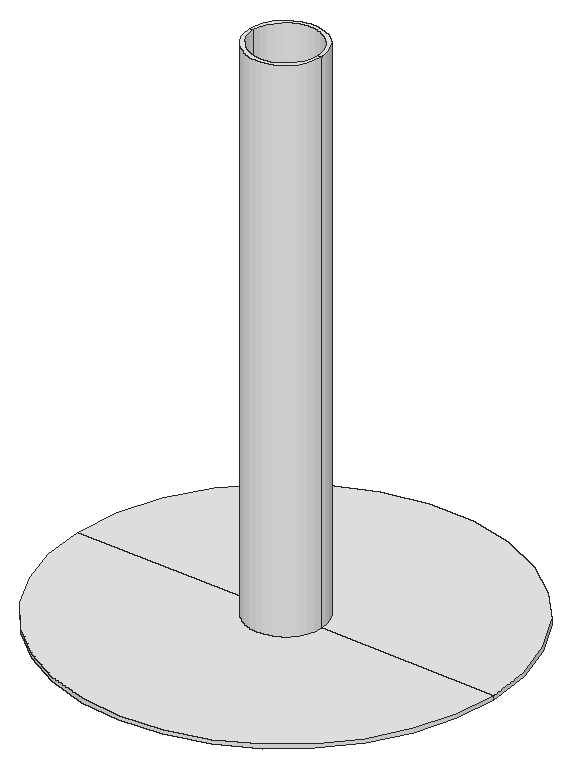
Revit family "Plumbing_Other-Plumbing_Menzies-Metal_Plumbing-Stack-Spun-Aluminum-Flat-Welded-TPO (1)", category Plumbing Fixtures, host Face, Revit 2018
Family settings
  Host = Face
  Round Connector Dimension = Use Diameter
  Part Type = Normal
  OmniClass Number = 23.70.50.21.24.11
  OmniClass Title = Roof Waste Water Drains
  Cut with Voids When Loaded = No
  Shared = No
  Room Calculation Point = No
Parameters (values of type "Refer to Type Catalog")
  Weight = 1.00 lbf
  Waste Connection = no
  Vent Connection = no
  URL = "https://www.menzies-metal.com/tpo-products/plumbing-stack-aluminum-flat-welded-tpo/"
  Product data url = "https://www.bimobject.com/menzies-metal/product/plumbing-stack-aluminum-flat-weld-tpo"
  Product Material = Metal - Menzies Metal Products - Aluminium TPO Coated
  Product Guid = "03c8de97-1602-48cd-85a9-ab49e266789e"
  Pipe Length = 12"
  Pipe Diameter = 1 1/2"
  Note [instance] = "Availalable caps include the Menzies Econo caps and Vandalproof caps."  # constant formula
  Model = "400-3110TPO"
  Manufacturer = "Menzies Metal Products"  # constant formula
  HW Connection = no
  Edition number = 1
  Drain Flow = 0 GPM
  Description = "Plumbing Stack Spun Aluminum - Flat Welded-TPO"  # constant formula
  Default Elevation = 48"
  Cap [instance] = Plumbing_Other-Plumbing_Menzies-Metal_Cap : No Cap
  CW Connection = no
  Assembly Code = "D2040200"
Reference planes (in)
  plane 1 "Center (Front/Back)": y = 0
  plane 2: z = 0
  plane 3 "Center (Left/Right)": x = 0
  plane 4: x = -0.75
  plane 5: x = 0.75
  plane 6: z = 12
  plane 7: x = -0.75
  plane 8: x = 0.75
  plane 9: z = 12
Forms (in)
  Revolve 1, solid, material "Metal - Menzies Metal Products - Aluminum", detail levels medium+fine
    sketch origin (0, 0, 0) x (1, 0, 0) y (0, 0, 1)
      loop
        line (-4.84, 0) -> (-0.75, 0) -> (-0.75, 12) -> (-0.84, 12) -> (-0.84, 0.09011) -> (-4.84, 0.09011) -> (-4.84, 0)
      axis (0, 12) -> (0, 0)
    angle from 0 to 360
  Revolve 2, solid, material "Metal - Menzies Metal Products - Aluminum", detail levels coarse
    sketch origin (0, 0, 0) x (1, 0, 0) y (0, 0, 1)
      loop
        line (0, 12) -> (-0.84, 12) -> (-0.84, 0.09011) -> (-4.84, 0.09011) -> (-4.84, 0) -> (0, 0) -> (0, 12)
      axis (0, 12) -> (0, 0)
    angle from 0 to 360
Lines and regions (in)
  Masking region 1
    outline origin (0, 0, 0) x (1, 0, 0) y (0, 1, 0)
      loop
        circle (0, 0) r 4.84
  symbolic lines
    curve 1: arc (-0.84, 0, 0) -> (0, 0.84, 0) -> (0.84, 0, 0) r 0.84
    curve 2: arc (0.84, 0, 0) -> (0, -0.84, 0) -> (-0.84, 0, 0) r 0.84
    curve 3: arc (0.75, 0, 0) -> (0, -0.75, 0) -> (-0.75, 0, 0) r 0.75
    curve 4: arc (-0.75, 0, 0) -> (0, 0.75, 0) -> (0.75, 0, 0) r 0.75
Dimensions and locks (in)
  equal spacing: plane 5, plane 3 "Center (Left/Right)", plane 4
  "Pipe Diameter": plane 5 to plane 4
  "Pipe Length": plane 6 to level
  equal spacing: plane 8, plane 3 "Center (Left/Right)", plane 7
  "Pipe Diameter": plane 8 to plane 7
  plane 7 to Revolve 2 sketch curve = 4.09"
  Revolve 2 sketch curve to Revolve 1 = 0.09011"
  Revolve 2 to Revolve 2 = 0.09011"
  Revolve 2 sketch curve to Revolve 2 sketch curve = 4"
  "Pipe Length": plane 9 to level
  aligned and locked: plane 2 to host face
  aligned and locked: level to host face
  aligned and locked: Revolve 1 sketch curve to plane 3 "Center (Left/Right)"
  aligned and locked: plane 6 to Revolve 1 sketch curve
  aligned and locked: Revolve 2 sketch curve to plane 3 "Center (Left/Right)"
  aligned and locked: host face to Revolve 2 sketch curve
  aligned and locked: Revolve 2 sketch curve to Revolve 1
  aligned and locked: plane 4 to Revolve 1 sketch curve
  aligned and locked: Masking region 1 sketch curve to Revolve 2  (x2)
  aligned and locked: curve 1 to Revolve 2
  aligned and locked: curve 2 to Revolve 2
  aligned and locked: curve 3 to Revolve 1
  aligned and locked: curve 4 to Revolve 1
  aligned and locked: plane 3 "Center (Left/Right)" to nested 1
  aligned and locked: nested 1 to plane 1 "Center (Front/Back)"
Automatic sketch dimensions
  host sketch curve to host sketch curve = 94.66418"
  host sketch curve to host sketch curve = 96"
  Revolve 1 sketch curve to level = 0"
  Revolve 1 sketch curve to plane 4 = 0.09"
  Revolve 1 sketch curve to Revolve 1 sketch curve = 4"
  level to Revolve 1 sketch curve = 0.09011"
  Revolve 1 sketch curve to level = 24"
  plane 6 to Revolve 1 sketch curve = 90.71882"
  Revolve 2 sketch curve to plane 3 "Center (Left/Right)" = 0"
  Revolve 2 sketch curve to level = 24"
  Revolve 2 sketch curve to Revolve 2 sketch curve = 78.71882"
Nested families (in)
  nested 1: "Plumbing_Other-Plumbing_Menzies-Metal_Cap" at (0, 0, 12) x (0, 1, 0) z (0, 0, 1), type <- "Cap", Product Material <- "Product Material", Pipe Diameter <- "Pipe Diameter", type "No Cap"
    with Weight 0.00 lbf, SKU "", Product Material Metal - Menzies Metal Products - Aluminium TPO Coated, Pipe Diameter 1 1/2", C_2 0.75", C 1.5", B_8 0.40625", B 3.25", Array 8, A_2 1.19", A 2.38"
Definition of nested family "Plumbing_Other-Plumbing_Menzies-Metal_Cap"
  Parameters (values of type "Econo Cap")
    Weight [instance] = if(and(not(Econo), not(Vandalproof)), 0.00 lbf, size_lookup(Lookup Table, "W", 0.00 lbf, Pipe Diameter))  # 0.28 lbf
    Waste Connection = no
    Vent Connection = no
    Vandalproof = no
    URL = "https://www.menzies-metal.com/"
    SKU [instance] = if(and(not(Econo), not(Vandalproof)), "", size_lookup(Lookup Table, "", "", Pipe Diameter))  # "400-3138"
    Product data url = ""
    Product Material [instance] = none
    Product Guid = ""
    Pipe Diameter [instance] = 1 1/2"
    Model = "400-3138"
    Manufacturer = "Menzies Metal Products"  # constant formula
    Lookup Table = "Econo Cap"
    HW Connection = no
    Edition number = 1
    Econo = yes
    Drain Flow = 0 GPM
    Description = "Econo Cap Spun Aluminum"
    Default Elevation = 48"
    CW Connection = no
    C_2 [instance] = C / 2  # 0.75"
    C [instance] = size_lookup(Lookup Table, "C", 1.13", Pipe Diameter)  # 1.5"
    B_8 [instance] = B / 8  # 0.40625"
    B [instance] = size_lookup(Lookup Table, "B", 3.25", Pipe Diameter)  # 3.25"
    Assembly Code = "D2040200"
    Array [instance] = if(Pipe Diameter = 1.25", 7, if(Pipe Diameter = 1.5", 8, if(Pipe Diameter = 2", 9, if(Pipe Diameter = 3", 10, if(Pipe Diameter = 4", 12, if(Pipe Diameter = 5", 14, if(Pipe Diameter = 6", 16, 6)))))))  # 8
    A_2 [instance] = A / 2  # 1.19"
    A [instance] = size_lookup(Lookup Table, "A", 2", Pipe Diameter)  # 2.38"
  Types (3): name | Weight | Vandalproof | URL | SKU | Model | Lookup Table | Econo | Description
    Econo Cap | 0.28 lbf | no | "https://www.menzies-metal.com/" | "400-3138" | "400-3138" | "Econo Cap" | yes | "Econo Cap Spun Aluminum"
    Vandalproof Cap | 0.33 lbf | yes | "https://www.menzies-metal.com/" | "400-4210" | "400-4210" | "Vandalproof Cap" | yes | "Vandalproof Cap Aluminum"
    No Cap | 0.00 lbf | no | "" | "" | "" | "Econo Cap" | no | ""
  Reference planes (in)
    plane 1 "Center (Front/Back)": y = 0
    plane 2: z = 0
    plane 3 "Center (Left/Right)": x = 0
    plane 4: z = 0.05
    plane 5: z = -0.35625
    plane 6: z = -0.7625
    plane 7: z = -2.79375
    plane 8: z = -2.3875
    plane 9: z = -3.2
    plane 10: z = -3.2
    plane 11: z = 3.3
    plane 12: z = 0.05
    plane 13: z = 0.40625
    plane 14: z = 0.20312
  Forms (in)
    Extrusion 1, solid
      sketch origin (0, 0, 0) x (1, 0, 0) y (0, 1, 0)
        loop
          line (-48, 48) -> (-48, -48) -> (46.66418, -48) -> (46.66418, 48) -> (-48, 48)
      from 0 to -12
    Revolve 2, solid, material <- "Product Material", visible <- "Econo"
      sketch origin (0, 0, 0) x (1, 0, 0) y (0, 0, 1)
        loop
          line (-1.49, -3.2) -> (-1.44, -3.2) -> (-1.44, -2.79375) -> (-1.19, -2.3875) -> (-1.19, 0) -> (-0.8, 0) -> (-0.8, -0.7625) -> (-0.75, -0.7625) -> (-0.75, 0.05) -> (-1.24, 0.05) -> (-1.24, -2.3875) -> (-1.49, -2.79375) -> (-1.49, -3.2)
        axis (0, 0.05) -> (0, -3.2)
      angle from 0 to 360
    Revolve 3, solid, material <- "Product Material", visible <- "Vandalproof"
      sketch origin (0, 0, 0) x (1, 0, 0) y (0, 0, 1)
        loop
          line (0, 3.3) -> (-1.24, 3.3) -> (-1.24, 0.40625) -> (-1.29, 0.05) -> (-1.29, -0.2) -> (-1.24, -0.2) -> (-1.24, 0.05) -> (-1.19, 0.40625) -> (-1.19, 3.25) -> (0, 3.25) -> (0, 3.3)
        axis (0, 3.3) -> (0, -0.2)
      angle from 0 to 360
    Extrusion 4, void
      sketch origin (0, 0, 0) x (1, 0, 0) y (0, 0, 1)
        loop
          line (-0.19967, 2.68677) -> (-0.19967, 0.71105)
          arc (-0.19967, 0.71105) -> (0, 0.51138) -> (0.19967, 0.71105) r 0.19967
          line (0.19967, 0.71105) -> (0.19967, 2.68677)
          arc (0.19967, 2.68677) -> (0, 2.88644) -> (-0.19967, 2.68677) r 0.19967
      from 0 to 12
    Extrusion 5, void
      sketch origin (0, 0, 0) x (0.707107, -0.707107, 0) y (0, 0, 1)
        loop
          line (-0.19967, 2.68677) -> (-0.19967, 0.71105)
          arc (-0.19967, 0.71105) -> (0, 0.51138) -> (0.19967, 0.71105) r 0.19967
          line (0.19967, 0.71105) -> (0.19967, 2.68677)
          arc (0.19967, 2.68677) -> (0, 2.88644) -> (-0.19967, 2.68677) r 0.19967
      from 0 to 12
    Extrusion 6, void
      sketch origin (0, 0, 0) x (0.707107, 0.707107, 0) y (0, 0, 1)
        loop
          line (-0.19967, 2.68677) -> (-0.19967, 0.71105)
          arc (-0.19967, 0.71105) -> (0, 0.51138) -> (0.19967, 0.71105) r 0.19967
          line (0.19967, 0.71105) -> (0.19967, 2.68677)
          arc (0.19967, 2.68677) -> (0, 2.88644) -> (-0.19967, 2.68677) r 0.19967
      from 0 to 12
    Extrusion 7, void
      sketch origin (0, 0, 0) x (0, 1, 0) y (0, 0, 1)
        loop
          line (-0.19967, 2.68677) -> (-0.19967, 0.71105)
          arc (-0.19967, 0.71105) -> (0, 0.51138) -> (0.19967, 0.71105) r 0.19967
          line (0.19967, 0.71105) -> (0.19967, 2.68677)
          arc (0.19967, 2.68677) -> (0, 2.88644) -> (-0.19967, 2.68677) r 0.19967
      from 0 to 12
    Extrusion 8, void
      sketch origin (0, 0, 0) x (-0.707107, 0.707107, 0) y (0, 0, 1)
        loop
          line (-0.19967, 2.68677) -> (-0.19967, 0.71105)
          arc (-0.19967, 0.71105) -> (0, 0.51138) -> (0.19967, 0.71105) r 0.19967
          line (0.19967, 0.71105) -> (0.19967, 2.68677)
          arc (0.19967, 2.68677) -> (0, 2.88644) -> (-0.19967, 2.68677) r 0.19967
      from 0 to 12
    Extrusion 9, void
      sketch origin (0, 0, 0) x (-1, 0, 0) y (0, 0, 1)
        loop
          line (-0.19967, 2.68677) -> (-0.19967, 0.71105)
          arc (-0.19967, 0.71105) -> (0, 0.51138) -> (0.19967, 0.71105) r 0.19967
          line (0.19967, 0.71105) -> (0.19967, 2.68677)
          arc (0.19967, 2.68677) -> (0, 2.88644) -> (-0.19967, 2.68677) r 0.19967
      from 0 to 12
    Extrusion 10, void
      sketch origin (0, 0, 0) x (-0.707107, -0.707107, 0) y (0, 0, 1)
        loop
          line (-0.19967, 2.68677) -> (-0.19967, 0.71105)
          arc (-0.19967, 0.71105) -> (0, 0.51138) -> (0.19967, 0.71105) r 0.19967
          line (0.19967, 0.71105) -> (0.19967, 2.68677)
          arc (0.19967, 2.68677) -> (0, 2.88644) -> (-0.19967, 2.68677) r 0.19967
      from 0 to 12
    Extrusion 11, void
      sketch origin (0, 0, 0) x (0, -1, 0) y (0, 0, 1)
        loop
          line (-0.19967, 2.68677) -> (-0.19967, 0.71105)
          arc (-0.19967, 0.71105) -> (0, 0.51138) -> (0.19967, 0.71105) r 0.19967
          line (0.19967, 0.71105) -> (0.19967, 2.68677)
          arc (0.19967, 2.68677) -> (0, 2.88644) -> (-0.19967, 2.68677) r 0.19967
      from 0 to 12
  Cuts and joins
    Extrusion 4, Extrusion 5, Extrusion 6, Extrusion 7, Extrusion 8, Extrusion 9, Extrusion 10, Extrusion 11 cuts Revolve 3
  Dimensions and locks (in)
    locked: Revolve 2 sketch curve to Revolve 2 sketch curve at 0.05  (x4)
    "C_2": Revolve 2 sketch curve to Revolve 2 sketch curve
    "A_2": Revolve 2 sketch curve to Revolve 2 sketch curve
    "B_8": plane 4 to plane 5
    "B_8": plane 5 to plane 6
    locked: Revolve 2 sketch curve to Revolve 2 sketch curve at 0.25
    "B": plane 4 to plane 9
    "B_8": plane 7 to plane 9
    "B_8": plane 8 to plane 7
    "B": plane 11 to plane 12
    "B": plane 12 to plane 10
    "A_2": plane 3 "Center (Left/Right)" to Revolve 3 sketch curve
    "B_8": plane 13 to Extrusion 1
    equal spacing: plane 13, plane 14, plane 2
    locked: plane 12 to Revolve 3 sketch curve at 0.25
    locked: Revolve 3 sketch curve to Revolve 3 sketch curve at 0.05  (x3)
    locked: plane 11 to Revolve 3 sketch curve at 0.05
    aligned and locked: plane 2 to Extrusion 1
    aligned and locked: level to Extrusion 1
    aligned and locked: Revolve 2 sketch curve to plane 3 "Center (Left/Right)"
    aligned and locked: Revolve 2 sketch curve to plane 6
    aligned and locked: plane 8 to Revolve 2 sketch curve  (x2)
    aligned and locked: plane 7 to Revolve 2 sketch curve  (x2)
    aligned and locked: plane 4 to Revolve 2 sketch curve
    aligned and locked: plane 12 to Revolve 2
    aligned and locked: plane 3 "Center (Left/Right)" to Revolve 3 sketch curve
    aligned and locked: Revolve 3 sketch curve to plane 3 "Center (Left/Right)"  (x2)
    aligned and locked: plane 11 to Revolve 3 sketch curve
  Automatic sketch dimensions
    Extrusion 1 sketch curve to Extrusion 1 sketch curve = 94.66418"
    Extrusion 1 sketch curve to Extrusion 1 sketch curve = 96"
    Revolve 2 sketch curve to level = 3.2"  (x2)
    plane 4 to Revolve 2 sketch curve = 0.25"
    Revolve 3 sketch curve to level = 0"
    Revolve 3 sketch curve to plane 12 = 0"  (x2)
    Revolve 3 sketch curve to plane 13 = 0"  (x2)
    plane 11 to Revolve 3 sketch curve = 0.75"
    Extrusion 4 sketch curve to Extrusion 4 sketch curve = 0.19967"
    Extrusion 4 sketch curve to Extrusion 4 sketch curve = 1.97572"
    Extrusion 5 sketch curve to Extrusion 5 sketch curve = 0.19967"
    Extrusion 5 sketch curve to Extrusion 5 sketch curve = 1.97572"
    Extrusion 6 sketch curve to Extrusion 6 sketch curve = 0.19967"
    Extrusion 6 sketch curve to Extrusion 6 sketch curve = 1.97572"
    Extrusion 7 sketch curve to Extrusion 7 sketch curve = 0.19967"
    Extrusion 7 sketch curve to Extrusion 7 sketch curve = 1.97572"
    Extrusion 8 sketch curve to Extrusion 8 sketch curve = 0.19967"
    Extrusion 8 sketch curve to Extrusion 8 sketch curve = 1.97572"
    Extrusion 9 sketch curve to Extrusion 9 sketch curve = 0.19967"
    Extrusion 9 sketch curve to Extrusion 9 sketch curve = 1.97572"
    Extrusion 10 sketch curve to Extrusion 10 sketch curve = 0.19967"
    Extrusion 10 sketch curve to Extrusion 10 sketch curve = 1.97572"
    Extrusion 11 sketch curve to Extrusion 11 sketch curve = 0.19967"
    Extrusion 11 sketch curve to Extrusion 11 sketch curve = 1.97572"
